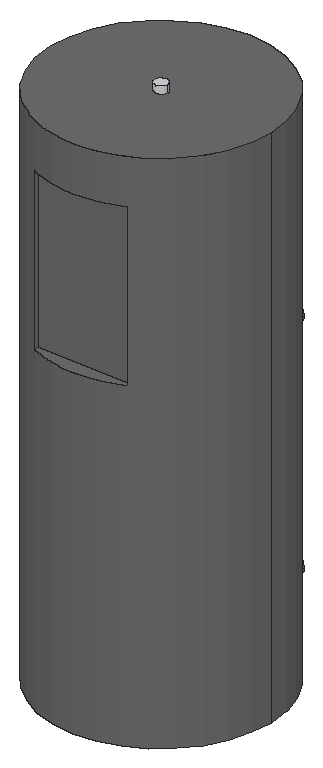
Revit family "REVIT-CONQ-STORAGE", category Mechanical Equipment, Revit 2017
Family settings
  Round Connector Dimension = Use Radius
  Part Type = Normal
  OmniClass Number = 23.75.00.00
  OmniClass Title = Climate Control (HVAC)
  Work Plane-Based = No
  Always vertical = No
  Cut with Voids When Loaded = No
  Shared = No
  Room Calculation Point = No
Parameters (values of type "L 160A-TR")
  Weight Units = "lbs."
  Weight = "550"
  Version = "1.0"
  URL = "www.pvi.com"
  TankRadius = TankDiameter / 2  # 16 7/8"
  TankHeight = 80 3/4"
  TankDiameter = 33 3/4"
  Storage Capacity = 3.6812 m³
  ReliefValveRadius = ReliefValveDiameter / 2  # 1/2"
  ReliefValveHeight = 61 3/4"
  ReliefValveDiameter = 1"
  Piping Material = Copper Pipe
  Phone Number = "(800) 784-8326"
  OpeningHeight = 24 1/2"
  OpeningLocation = 6 7/8"
  OpeningWidth = 14.22271"
  OmniClass Title = "Storage Water Heater"
  OmniClass Code = "23.65.35.11.11"
  Normal = 90.00°
  Modeling Code = "ABO090507TAS1507ABC0905"
  Model Name [instance] = "Conquest Storage L 160A-TR"
  Model = "L 160A-TR"
  Tank Casing = PVC
  Manufacturer = "PVI Industries, LLC"
  HotWaterOutletRadius = HotWaterOutletDiameter / 2  # 1"
  HotWaterOutletDiameter = 2"
  HotWaterCenterOffset = 0"
  HotWaterOutletLength = TankHeight + 1"  # 81 3/4"
  DrainPipeRadius = DrainPipeDiameter / 2  # 1/2"
  DrainPipeDiameter = 1"
  DrainHeight = 12"
  Description = "Conquest® Storage Tank"
  BuildingReturnRadius = BuildingReturnDiameter / 2  # 1"
  ColdWaterInletRadius = ColdWaterInletDiameter / 2  # 1"
  ColdWaterInletLength = TankRadius + 1"  # 17 7/8"
  ColdWaterInletDiameter = 2"
  ColdInletHeight = 12"
  BuildingReturnHeight = 46 1/2"
  BuildingReturnLength = TankRadius + 1"  # 17 7/8"
  BuildingReturnDiameter = 2"
  Assembly Code = "D3020100"
  Address = "Fort Worth, TX"
Reference planes (in)
  plane 1 "Center (Front/Back)": y = 0
  plane 2: z = 0
  plane 3 "Center (Left/Right)": x = 0
  plane 4 "ColdWaterInletHeight": z = 12
  plane 5 "ReliefValveCenter": through (-13.68198, 23.60456, 48) normal (0.866, 0.5, 0)
  plane 6 "ColdWaterInletCenter": through (0.00256, 0.00444, 48) normal (-0.866, 0.5, 0)
  plane 7 "TankTop": z = 80.75
  plane 8: z = 12
  plane 9 "CombustionAirCenter": y = 4.25
  plane 10: y = 0
  plane 11: y = 0
  plane 12 "BuildingReturn": z = 46.5
  plane 13: z = 0
  plane 14: z = 10
  plane 15 "CondensateDrainHeight": z = 1.5
  plane 16: z = 0
  plane 17: z = 0
  plane 18: z = 0
  plane 19: y = 32
  plane 20: x = 0
  plane 21 "ColdWaterInletNormal": through (0.00455, 0.00033, 48) normal (0.5, 0.866, 0)
  plane 22 "ReliefValveHeight": z = 61.75
  plane 23 "ReliefValveNormal": through (0.00128, 0.00222, 48) normal (-0.5, 0.866, 0)
  plane 24 "HotOutletLength": z = 81.75
  plane 25 "GasConnectionLength": z = 81.75
  plane 26: y = -25.125
  plane 27: x = 7.11136
  plane 28: x = -7.11136
  plane 29: z = 73.875
  plane 30: z = 49.375
  plane 31: y = -14.62461
Forms (in)
  Extrusion 1, solid, material "Default"
    sketch origin (0, 0, 0) x (1, 0, 0) y (0, 1, 0)
      loop
        circle (0, 0.01519) r 16.875
    from 0 to 80.75 <- "TankHeight"
  Extrusion 2, solid
    sketch origin (0, 0, 80.75) x (-1, 0, 0) y (0, -1, 0)
      loop
        circle (0, 0.03252) r 1
    from 1 to -11.24219
  Extrusion 3, solid, material "Default"
    sketch origin (0.00128, 0.00222, 0) x (-0.866025, 0.5, 0) y (0, 0, 1)
      loop
        circle (0, 12) r 1
    from 0 to 17.875 <- "ColdWaterInletLength"
  Extrusion 4, solid, material "Copper Pipe" <- "Piping Material"
    sketch origin (-0.00064, 0.00111, -0.14844) x (-0.866025, -0.5, 0) y (0, 0, 1)
      loop
        circle (0, 61.89844) r 0.5
    from 0 to 22.40234
  Extrusion 5, solid
    sketch origin (-0.00064, 0.00111, 0) x (-0.866025, -0.5, 0) y (0, 0, 1)
      loop
        circle (0, 12) r 0.5
    from 0 to 19.36328
  Extrusion 6, solid, material "Default"
    sketch origin (0.00064, 0.00111, 0) x (-0.866025, 0.5, 0) y (0, 0, 1)
      loop
        circle (0, 46.5) r 1
    from 0 to 17.87628
  Extrusion 7, void
    sketch origin (49.60005, -15.375, 48) x (-1, 0, 0) y (0, 0, 1)
      loop
        line (56.71141, 25.875) -> (42.4887, 25.875) -> (42.4887, 1.375) -> (56.71141, 1.375) -> (56.71141, 25.875)
    from -3.54287 to 0.75039
Cuts and joins
  Extrusion 7 cuts Extrusion 1
  Extrusion 7 cuts Extrusion 3
  Extrusion 7 cuts Extrusion 6
  joined: Extrusion 1, Extrusion 3, Extrusion 6
Dimensions and locks (in)
  "TankHeight": level to plane 7 "TankTop"
  "DrainHeight": plane 8 to level
  "HotWaterCenterOffset": Extrusion 2 sketch curve to plane 3 "Center (Left/Right)"
  "BuildingReturnHeight": plane 12 "BuildingReturn" to level
  level to plane 14 = 10"
  level to plane 15 "CondensateDrainHeight" = 1 1/2"
  plane 11 to plane 19 = 32"
  "ReliefValveHeight": plane 22 "ReliefValveHeight" to level
  "BuildingReturnLength": plane 21 "ColdWaterInletNormal" to Extrusion 6
  "HotWaterOutletLength": plane 24 "HotOutletLength" to plane 18
  plane 25 "GasConnectionLength" to plane 18 = 81 3/4"
  plane 9 "CombustionAirCenter" to plane 1 "Center (Front/Back)" = 4 1/4"
  plane 26 to plane 1 "Center (Front/Back)" = 25 1/8"
  plane 7 "TankTop" to Extrusion 7 sketch curve to Extrusion 7 sketch curve = 6 7/8", 24 1/2"
  Extrusion 7 sketch curve to Extrusion 7 sketch curve = 14.22271"
  equal spacing: Extrusion 7 sketch curve, plane 20, Extrusion 7 sketch curve
  locked: cut or joined group of Extrusion 1, Extrusion 3, Extrusion 6, Extrusion 7 to plane 11 at 14.62461
  "OpeningWidth": plane 28 to plane 27
  equal spacing: plane 28, plane 20, plane 27
  "OpeningLocation": plane 7 "TankTop" to plane 29
  "OpeningHeight": plane 29 to plane 30
  "TankRadius": radius of Extrusion 1 sketch curve
  "ColdWaterInletRadius": radius of Extrusion 3 sketch curve
  "ReliefValveRadius": radius of Extrusion 4 sketch curve
  "DrainPipeRadius": radius of Extrusion 5 sketch curve
  "BuildingReturnRadius": radius of Extrusion 6 sketch curve
  "HotWaterOutletRadius": radius of Extrusion 2 sketch curve
  locked: plane 21 "ColdWaterInletNormal" to plane 6 "ColdWaterInletCenter" (angle 90.00°)
  "Normal": angle plane 5 "ReliefValveCenter" to plane 23 "ReliefValveNormal"
  aligned and locked: level to plane 2
  aligned and locked: Extrusion 4 to plane 23 "ReliefValveNormal"
  aligned and locked: plane 22 "ReliefValveHeight" to Extrusion 4
  aligned and locked: plane 20 to plane 3 "Center (Left/Right)"
  aligned and locked: plane 8 to Extrusion 3 sketch curve
  aligned and locked: Extrusion 2 to plane 24 "HotOutletLength"
  aligned and locked: Extrusion 3 to plane 21 "ColdWaterInletNormal"
  aligned and locked: Extrusion 7 to plane 30
  aligned and locked: plane 28 to Extrusion 7
  aligned and locked: plane 29 to cut or joined group of Extrusion 1, Extrusion 3, Extrusion 6, Extrusion 7
  aligned and locked: plane 31 to Extrusion 7
Automatic sketch dimensions
  plane 4 "ColdWaterInletHeight" to Extrusion 5 sketch curve = 0"
  plane 5 "ReliefValveCenter" to Extrusion 5 sketch curve = 0.04666"
  Extrusion 1 sketch curve to plane 3 "Center (Left/Right)" = 0"
  Extrusion 1 sketch curve to plane 1 "Center (Front/Back)" = 0.01519"
  plane 1 "Center (Front/Back)" to Extrusion 2 sketch curve = 0.03252"
  Extrusion 3 sketch curve to plane 6 "ColdWaterInletCenter" = 0"
  plane 22 "ReliefValveHeight" to Extrusion 4 sketch curve = 0"
  plane 5 "ReliefValveCenter" to Extrusion 4 sketch curve = 0.04666"
  Extrusion 6 sketch curve to plane 6 "ColdWaterInletCenter" = 0"
  plane 12 "BuildingReturn" to Extrusion 6 sketch curve = 0"
Connectors (in)
  piping at (-9.68228, 16.7702, 12), diameter 1, driven by "DrainPipeRadius"
    settings: on Extrusion 5, index 17, connector inside diameter 1", connector length 0", flow factor 0, pipe flow 0 GPM, pressure drop 0.00 psi, fitting loss kfactor 0, connector angle 0.00°, fixture units 0, engagement length 0", angle of deflection 0.00°, flow configuration 0, flow direction 2, fitting loss method 0, system type 16, joint type 0, gender type 0, connector reference index -1, connector utility 0, adjustable connector no, is connector primary yes, connector description "DrainValve"
  piping at (-11.20181, 19.40211, 61.75), diameter 1, driven by "ReliefValveRadius"
    settings: on Extrusion 4, index 18, connector inside diameter 1", connector length 0", flow factor 0, pipe flow 0 GPM, pressure drop 0.00 psi, fitting loss kfactor 0, connector angle 0.00°, fixture units 0, engagement length 0", angle of deflection 0.00°, flow configuration 0, flow direction 2, fitting loss method 0, system type 16, joint type 0, gender type 0, connector reference index -1, connector utility 0, adjustable connector no, is connector primary no, connector description "ReliefValve"
  piping at (8.93878, 15.48242, 12), diameter 2, driven by "ColdWaterInletRadius"
    settings: on Extrusion 3, index 22, connector inside diameter 24", connector length 0", flow factor 0, pipe flow 0 GPM, pressure drop 0.00 psi, fitting loss kfactor 0, connector angle 0.00°, fixture units 0, engagement length 0", angle of deflection 0.00°, flow configuration 0, flow direction 1, fitting loss method 0, system type 20, joint type 0, gender type 0, connector reference index -1, connector utility 0, adjustable connector no, is connector primary no, connector description "ColdWaterInlet"
  piping at (8.93878, 15.48242, 46.5), diameter 2, driven by "BuildingReturnRadius"
    settings: on Extrusion 6, index 24, connector inside diameter 24", connector length 0", flow factor 0, pipe flow 0 GPM, pressure drop 0.00 psi, fitting loss kfactor 0, connector angle 0.00°, fixture units 0, engagement length 0", angle of deflection 0.00°, flow configuration 0, flow direction 1, fitting loss method 0, system type 22, joint type 0, gender type 0, connector reference index -1, connector utility 0, adjustable connector no, is connector primary no, connector description "BuildingReturn"
  piping at (0, -0.03252, 81.75), diameter 2, driven by "HotWaterOutletRadius"
    settings: on Extrusion 2, index 25, connector inside diameter 24", connector length 0", flow factor 0, pipe flow 0 GPM, pressure drop 0.00 psi, fitting loss kfactor 0, connector angle 0.00°, fixture units 0, engagement length 0", angle of deflection 0.00°, flow configuration 0, flow direction 2, fitting loss method 0, system type 19, joint type 0, gender type 0, connector reference index -1, connector utility 0, adjustable connector no, is connector primary no, connector description "HotWaterOutlet"
